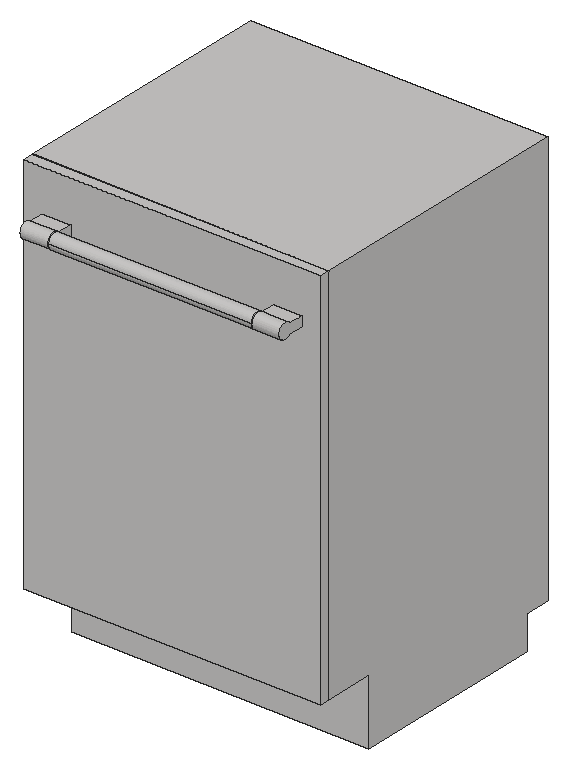
Revit family "DF251762", category Generic Models, Revit 2014
Parameters (values of type "DF251762")
  Width = 598 mm
  URL = "http://www.gaggenau.com."
  Model = "DF251762"
  Manufacturer = "Gaggenau"
  Height = 927 mm
  Handle = Metal Panel
  Fridge = Metal Panel
  Door = Metal Panel
  Description = "Gaggenau 200 Series dishwasher, tall tub"
  Depth = 550 mm
Reference planes
  plane 1 "Center (Front/Back)": y = 0
  plane 2: z = 0
  plane 3 "Center (Left/Right)": x = 0
  plane 4: x = -299
  plane 5: x = 299
  plane 6: y = 266.012
  plane 7: y = -283.988
  plane 8: z = 927
  plane 9: y = -305.988
  plane 10: y = -183.988
  plane 11: z = 152
  plane 12: y = 213.012
  plane 13: z = 89
  plane 14: z = 20
Forms (mm)
  Extrusion 1, solid, material "Metal Panel" <- "Fridge"
    sketch origin (0, 0, 0) x (0, 1, 0) y (0, 0, 1)
      loop
        line (-283.988, 927) -> (-283.988, 152) -> (-183.988, 152) -> (-183.988, 20) -> (213.012, 20) -> (213.012, 89) -> (266.012, 89) -> (266.012, 927) -> (-283.988, 927)
    from -299 to 299
  Extrusion 2, solid, material "Metal Panel" <- "Door"
    sketch origin (0, 0, 0) x (1, 0, 0) y (0, 0, 1)
      loop
        line (-299, 927) -> (-299, 152) -> (299, 152) -> (299, 927) -> (-299, 927)
    from 305.988 to 283.988
  Extrusion 3, solid, material "Metal Panel" <- "Handle"
    sketch origin (0, 0, 0) x (0, 1, 0) y (0, 0, 1)
      loop
        line (-305.988, 842) -> (-335.988, 842)
        arc (-335.988, 842) -> (-362.168, 832) -> (-335.988, 822) r 15
        line (-335.988, 822) -> (-305.988, 822) -> (-305.988, 842)
    from -260.966 to -204.89
  Extrusion 4, solid, material "Metal Panel" <- "Handle"
    sketch origin (0, 0, 0) x (0, 1, 0) y (0, 0, -1)
      loop
        line (-305.988, -842) -> (-305.988, -822) -> (-335.988, -822)
        arc (-335.988, -822) -> (-362.168, -832) -> (-335.988, -842) r 15
        line (-335.988, -842) -> (-305.988, -842)
    from -260.966 to -204.89
  Extrusion 5, solid, material "Metal Panel" <- "Handle"
    sketch origin (0, 0, 0) x (0, 1, 0) y (0, 0, 1)
      loop
        circle (-347.168, 832) r 15
    from -204.89 to 204.89
Dimensions and locks
  "Width": plane 4 to plane 5
  "Depth": plane 6 to plane 7
  equal spacing: plane 4, plane 3 "Center (Left/Right)", plane 5
  plane 7 to plane 9 = 22 mm
  plane 10 to plane 7 = 100 mm
  "Height": plane 8 to level
  plane 11 to plane 2 = 152 mm
  plane 8 to plane 11 = 775 mm
  aligned and locked: level to plane 2
  aligned and locked: plane 4 to Extrusion 1
  aligned and locked: plane 5 to Extrusion 1
  aligned and locked: Extrusion 5 to Extrusion 3
  aligned and locked: Extrusion 5 to Extrusion 4
Automatic sketch dimensions
  Extrusion 1 sketch curve to plane 7 = 0 mm
  Extrusion 1 sketch curve to plane 10 = 0 mm
  Extrusion 1 sketch curve to plane 12 = 0 mm
  Extrusion 1 sketch curve to plane 6 = 0 mm
  Extrusion 1 sketch curve to plane 14 = 0 mm
  Extrusion 1 sketch curve to plane 13 = 0 mm
  Extrusion 1 sketch curve to plane 11 = 0 mm
  Extrusion 1 sketch curve to plane 8 = 0 mm
  plane 4 to Extrusion 2 sketch curve = 0 mm
  Extrusion 2 sketch curve to plane 5 = 0 mm
  Extrusion 2 sketch curve to plane 11 = 0 mm
  Extrusion 2 sketch curve to plane 8 = 0 mm
  Extrusion 4 sketch curve to plane 9 = 0 mm
  Extrusion 4 sketch curve to plane 9 = 30 mm
  Extrusion 4 sketch curve to Extrusion 4 sketch curve = 0 mm
  Extrusion 4 sketch curve to Extrusion 4 sketch curve = 11.18 mm
  Extrusion 4 sketch curve to plane 8 = 85 mm
  Extrusion 4 sketch curve to Extrusion 4 sketch curve = 10 mm
  Extrusion 3 sketch curve to plane 9 = 0 mm
  Extrusion 3 sketch curve to plane 9 = 30 mm
  Extrusion 3 sketch curve to Extrusion 3 sketch curve = 0 mm
  Extrusion 3 sketch curve to Extrusion 3 sketch curve = 11.18 mm
  Extrusion 3 sketch curve to plane 8 = 105 mm
  Extrusion 3 sketch curve to Extrusion 3 sketch curve = 10 mm
  Extrusion 5 sketch curve to plane 9 = 41.18 mm
  Extrusion 5 sketch curve to plane 8 = 95 mm
  radius of Extrusion 5 sketch curve = 15 mm
